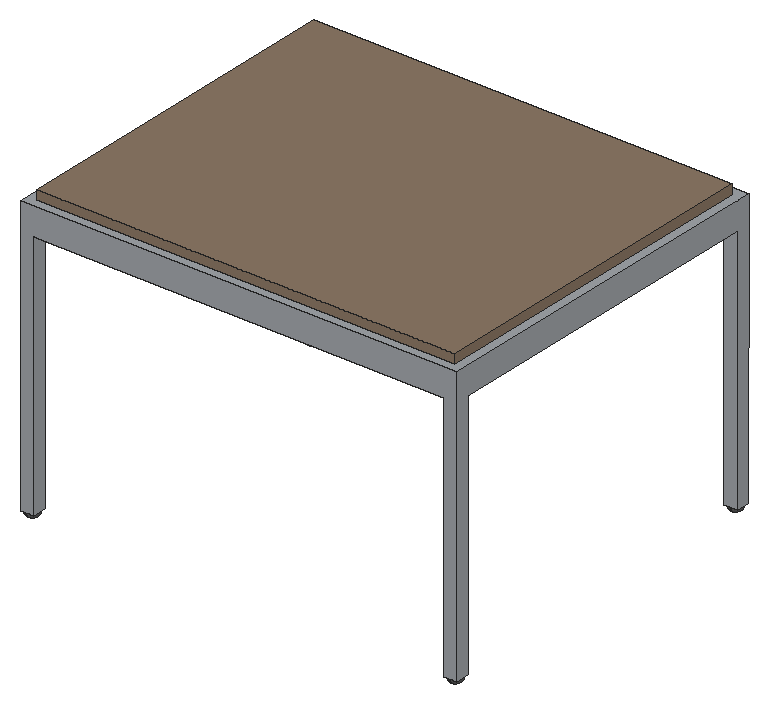
Revit family
Parameters
  URL = "http://www.martinbrattrud.com"
  Table Top [instance] = none
  SCS Certified Product = "Yes"
  Model = "Braemar 784-20RL"
  Manufacturer = "Martin Brattrud, Inc."
  Leg [instance] = none
  Keynote = "125000"
  Foot [instance] = none
  Copyright = "© 2013 Martin Brattrud, Inc."
  Authoring Version = "Revit Architecture 2010"
  Assembly Code = "E2020200"
Reference planes (in)
  plane 1 "Center Front/Back": y = 0
  plane 2: z = 0
  plane 3 "Center Left/Right": x = 0
Forms (in)
  Extrusion 1, solid, material <- "Table Top"
    sketch origin (0, 0, 0) x (1, 0, 0) y (0, 1, 0)
      loop
        line (-11.5, 9.5) -> (-11.5, -9.5) -> (11.5, -9.5) -> (11.5, 9.5) -> (-11.5, 9.5)
    from 15.5 to 16
  Extrusion 2, solid, material <- "Leg"
    sketch origin (0, 0.0625, 0) x (1, 0, 0) y (0, 1, 0)
      loop
        line (11.25, 9.1875) -> (-11.25, 9.1875) -> (-11.25, -9.3125) -> (11.25, -9.3125) -> (11.25, 9.1875)
    from 14.99581 to 15.5
  Extrusion 3, solid, material <- "Leg"
    sketch origin (0, 0.0625, 0) x (0, 1, 0) y (0, 0, 1)
      loop
        line (9.9375, 15.5) -> (9.1875, 15.5) -> (9.1875, 13.975) -> (9.9375, 13.975) -> (9.9375, 15.5)
      loop
        line (-10.0625, 15.5) -> (-10.0625, 13.975) -> (-9.3125, 13.975) -> (-9.3125, 15.5) -> (-10.0625, 15.5)
    from -11.25 to 11.25
  Revolve 4, solid, material <- "Foot"
    sketch origin (-11.6249, 9.25065, 47.97762) x (0, -1, 0) y (0, 0, -1)
      loop
        line (19.00198, 48) -> (18.8767, 48) -> (18.8767, 47.75) -> (19.2517, 47.75)
        arc (19.2517, 47.75) -> (19.17858, 47.92668) -> (19.00198, 48) r 0.25
      axis (18.8767, 48) -> (18.8767, 47.75)
    angle from 0 to 360
  Extrusion 5, solid, material <- "Leg"
    sketch origin (9.79341, 0.0625, 0) x (0, 1, 0) y (0, 0, 1)
      loop
        line (9.9375, 0.25) -> (9.9375, 15.5) -> (-10.0625, 15.5) -> (-10.0625, 0.25) -> (-9.3125, 0.25) -> (-9.3125, 13.975) -> (9.1875, 13.975) -> (9.1875, 0.25) -> (9.9375, 0.25)
    from 1.45659 to 2.20659
  Extrusion 6, solid, material <- "Leg"
    sketch origin (-9.79341, 0.0625, 0) x (0, 1, 0) y (0, 0, -1)
      loop
        line (9.9375, -0.25) -> (9.1875, -0.25) -> (9.1875, -13.975) -> (-9.3125, -13.975) -> (-9.3125, -0.25) -> (-10.0625, -0.25) -> (-10.0625, -15.5) -> (9.9375, -15.5) -> (9.9375, -0.25)
    from 1.45659 to 2.20659
  Revolve 7, solid, material <- "Foot"
    sketch origin (-11.6249, -9.25065, 47.97762) x (0, 1, 0) y (0, 0, 1)
      loop
        arc (19.00198, -48) -> (19.17858, -47.92668) -> (19.2517, -47.75) r 0.25
        line (19.2517, -47.75) -> (18.8767, -47.75) -> (18.8767, -48) -> (19.00198, -48)
      axis (18.8767, -48) -> (18.8767, -47.75)
    angle from 0 to 360
  Revolve 8, solid, material <- "Foot"
    sketch origin (11.6249, 9.25065, 47.97762) x (0, -1, 0) y (0, 0, 1)
      loop
        arc (19.00198, -48) -> (19.17858, -47.92668) -> (19.2517, -47.75) r 0.25
        line (19.2517, -47.75) -> (18.8767, -47.75) -> (18.8767, -48) -> (19.00198, -48)
      axis (18.8767, -48) -> (18.8767, -47.75)
    angle from 0 to 360
  Revolve 9, solid, material <- "Foot"
    sketch origin (11.6249, -9.25065, 47.97762) x (0, 1, 0) y (0, 0, -1)
      loop
        line (19.00198, 48) -> (18.8767, 48) -> (18.8767, 47.75) -> (19.2517, 47.75)
        arc (19.2517, 47.75) -> (19.17858, 47.92668) -> (19.00198, 48) r 0.25
      axis (18.8767, 48) -> (18.8767, 47.75)
    angle from 0 to 360
Cuts and joins
  joined: Extrusion 2, Extrusion 3, Extrusion 5, Extrusion 6
